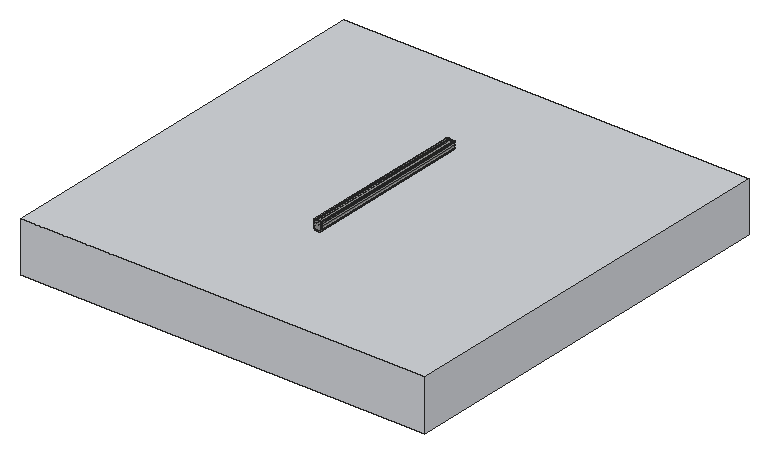
Revit family "L-trade 55 Standart", category Осветительные приборы, Revit 2017 (continued)
Types (8, lengths in mm): name | Цветовая температура | Кривая сил света | built-in parameter 1150134 | Файл фотометрической сетки | built-in parameter 1150142 | built-in parameter 1150107 | Manufacturer | Артикул
  L-trade 55 Standart 4.0K Г30 | 4000 K | "Г30" | 12 | "L-trade 55-52-G30-4.0K-01-Standart.ies" | "IESNA:LM-63-1995\r\n[TEST]LEDEL\r\n[DATA]22.10.2017\r\n[MANUFAC]LEDEL\r\n[LUMCAT]L-trade 55-52-Г30-4.0K-01-Standart\r\n[LUMINAIRE]Для общего внутреннего освещения производственных помещений, торговых залов, складов\r\n[LAMPCAT]LED\r\n[LAMP]OSRAM OSLON \r\nTILT=NONE\r\n\r\n1 5894  1.05703  37 19 1 2 1.537 0.048 0.0565\r\n\r\n1 1 52\r\n\r\n 0 2.5 5 7.5 10 12.5 15 17.5 20 22.5 25 27.5 30 32.5 35 37.5 40 42.5 45 47.5 50 52.5 55 57.5 60 62.5 65 67.5 70 72.5 75 77.5 80 82.5\r\n 85 87.5 90\r\n\r\n  0 10 20 30 40 50 60 70 80 90 100 110 120 130 140 150 160 170 180\r\n\r\n13358 12845 11834 10476 8991 7534 6214 5057 4074 3291 2638 2130 1700 1382 1114 924 763 631 543 455 396 338 279 227 198 \r\n  188 132 114 103 59 44 30 15 1 8 4 1\r\n13358 12845 11834 10476 8991 7534 6214 5057 4074 3291 2638 2130 1700 1382 1114 924 763 631 543 455 396 338 279 227 198 \r\n  188 132 114 103 59 44 30 15 1 8 4 1\r\n13358 12845 11834 10476 8991 7534 6214 5057 4074 3291 2638 2130 1700 1382 1114 924 763 631 543 455 396 338 279 227 198 \r\n  188 132 114 103 59 44 30 15 1 8 4 1\r\n13358 12845 11834 10476 8991 7534 6214 5057 4074 3291 2638 2130 1700 1382 1114 924 763 631 543 455 396 338 279 227 198 \r\n  188 132 114 103 59 44 30 15 1 8 4 1\r\n13358 12845 11834 10476 8991 7534 6214 5057 4074 3291 2638 2130 1700 1382 1114 924 763 631 543 455 396 338 279 227 198 \r\n  188 132 114 103 59 44 30 15 1 8 4 1\r\n13358 12845 11834 10476 8991 7534 6214 5057 4074 3291 2638 2130 1700 1382 1114 924 763 631 543 455 396 338 279 227 198 \r\n  188 132 114 103 59 44 30 15 1 8 4 1\r\n13358 12845 11834 10476 8991 7534 6214 5057 4074 3291 2638 2130 1700 1382 1114 924 763 631 543 455 396 338 279 227 198 \r\n  188 132 114 103 59 44 30 15 1 8 4 1\r\n13358 12845 11834 10476 8991 7534 6214 5057 4074 3291 2638 2130 1700 1382 1114 924 763 631 543 455 396 338 279 227 198 \r\n  188 132 114 103 59 44 30 15 1 8 4 1\r\n13358 12845 11834 10476 8991 7534 6214 5057 4074 3291 2638 2130 1700 1382 1114 924 763 631 543 455 396 338 279 227 198 \r\n  188 132 114 103 59 44 30 15 1 8 4 1\r\n13358 12845 11834 10476 8991 7534 6214 5057 4074 3291 2638 2130 1700 1382 1114 924 763 631 543 455 396 338 279 227 198 \r\n  188 132 114 103 59 44 30 15 1 8 4 1\r\n13358 12845 11834 10476 8991 7534 6214 5057 4074 3291 2638 2130 1700 1382 1114 924 763 631 543 455 396 338 279 227 198 \r\n  188 132 114 103 59 44 30 15 1 8 4 1\r\n13358 12845 11834 10476 8991 7534 6214 5057 4074 3291 2638 2130 1700 1382 1114 924 763 631 543 455 396 338 279 227 198 \r\n  188 132 114 103 59 44 30 15 1 8 4 1\r\n13358 12845 11834 10476 8991 7534 6214 5057 4074 3291 2638 2130 1700 1382 1114 924 763 631 543 455 396 338 279 227 198 \r\n  188 132 114 103 59 44 30 15 1 8 4 1\r\n13358 12845 11834 10476 8991 7534 6214 5057 4074 3291 2638 2130 1700 1382 1114 924 763 631 543 455 396 338 279 227 198 \r\n  188 132 114 103 59 44 30 15 1 8 4 1\r\n13358 12845 11834 10476 8991 7534 6214 5057 4074 3291 2638 2130 1700 1382 1114 924 763 631 543 455 396 338 279 227 198 \r\n  188 132 114 103 59 44 30 15 1 8 4 1\r\n13358 12845 11834 10476 8991 7534 6214 5057 4074 3291 2638 2130 1700 1382 1114 924 763 631 543 455 396 338 279 227 198 \r\n  188 132 114 103 59 44 30 15 1 8 4 1\r\n13358 12845 11834 10476 8991 7534 6214 5057 4074 3291 2638 2130 1700 1382 1114 924 763 631 543 455 396 338 279 227 198 \r\n  188 132 114 103 59 44 30 15 1 8 4 1\r\n13358 12845 11834 10476 8991 7534 6214 5057 4074 3291 2638 2130 1700 1382 1114 924 763 631 543 455 396 338 279 227 198 \r\n  188 132 114 103 59 44 30 15 1 8 4 1\r\n13358 12845 11834 10476 8991 7534 6214 5057 4074 3291 2638 2130 1700 1382 1114 924 763 631 543 455 396 338 279 227 198 \r\n  188 132 114 103 59 44 30 15 1 8 4 1" | 4000 (stored number, unit not read) | "" | ""
  L-trade 55 Standart 4.0K Г60 | 4000 K | "Г60" | 12 | "L-trade 55-52-G60-4.0K-01-Standart.ies" | "IESNA:LM-63-1995\r\n[TEST]LEDEL\r\n[DATA]22.10.2017\r\n[MANUFAC]LEDEL\r\n[LUMCAT]L-trade 55-52-Г60-4.0K-01-Standart\r\n[LUMINAIRE]Для общего внутреннего освещения производственных помещений, торговых залов, складов\r\n[LAMPCAT]LED\r\n[LAMP]OSRAM OSLON \r\nTILT=NONE\r\n\r\n1 4851 1.0225548 37 10 1 2 1.537 0.048 0.0565\r\n\r\n1 1 52\r\n\r\n 0 2.5 5 7.5 10 12.5 15 17.5 20 22.5 25 27.5 30 32.5 35 37.5 40 42.5 45 47.5 50 52.5 55 57.5 60 62.5 65 67.5 70 72.5 75 77.5 80 82.5\r\n 85 87.5 90\r\n\r\n  0 10 20 30 40 50 60 70 80 90\r\n\r\n  2421 2423 2420 2406 2381 2343 2303 2256 2208 2154 2097 2035 1933 1728 1563 1436 1316 1174 1044 928 786 614 465 384 356 \r\n333 286 247 240 219 185 184 159 139 107 51 17\r\n  2421 2423 2420 2406 2381 2343 2303 2256 2208 2154 2097 2035 1933 1728 1563 1436 1316 1174 1044 928 786 614 465 384 356 \r\n333 286 247 240 219 185 184 159 139 107 51 17\r\n  2414 2417 2414 2404 2383 2348 2303 2238 2157 2067 1986 1915 1809 1623 1433 1301 1183 1055 917 772 668 577 463 375 321\r\n296 258 198 165 167 148 141 126 106 76 35 13\r\n  2413 2417 2414 2405 2385 2348 2303 2260 2213 2160 2098 2035 1958 1825 1602 1424 1266 1103 911 743 633 573 513 406 320\r\n283 280 251 204 183 165 129 119 106 78 42 19\r\n  2414 2417 2412 2400 2379 2347 2307 2262 2213 2162 2104 2029 1958 1870 1708 1487 1325 1176 982 811 692 591 496 428 363\r\n308 279 256 235 190 155 144 117 91 65 39 19\r\n  2414 2416 2412 2397 2370 2347 2313 2267 2216 2164 2107 2045 1967 1889 1785 1595 1377 1201 1002 817 687 600 515 450 432\r\n384 302 232 209 203 187 148 117 98 69 42 20\r\n  2417 2417 2414 2395 2371 2348 2318 2277 2225 2171 2119 2050 1984 1898 1811 1690 1492 1224 982 815 717 632 553 478 395\r\n347 329 297 257 183 170 169 137 101 73 46 20\r\n  2417 2407 2385 2366 2337 2302 2259 2215 2165 2110 2052 1979 1900 1813 1697 1570 1398 1174 953 808 700 641 535 417 366 \r\n351 296 226 235 220 172 147 123 89 47 15 11\r\n  2420 2419 2411 2390 2374 2348 2313 2270 2227 2179 2129 2074 2008 1941 1861 1742 1598 1416 1228 1048 878 777 672 556 484\r\n460 434 366 316 285 237 189 174 144 109 65 15\r\n  2420 2420 2413 2392 2374 2348 2312 2271 2228 2183 2129 2076 2017 1950 1865 1745 1588 1393 1187 1049 952 826 622 465 426\r\n452 438 314 261 299 243 165 197 147 117 72 19\r\n  " | 4000 (stored number, unit not read) | "" | ""
  L-trade 55 Standart 5.0K К15 | 5000 K | "К15" | 2 | "L-trade 55-52-K15-5.0K-01-Standart.ies" | "IESNA:LM-63-1995\r\n[TEST]LEDEL\r\n[DATA]22.10.2017\r\n[MANUFAC]LEDEL\r\n[LUMCAT]L-trade 55-52-K15-5.0K-01-Standart\r\n[LUMINAIRE]Для общего внутреннего освещения производственных помещений, торговых залов, складов\r\n[LAMPCAT]LED\r\n[LAMP]OSRAM OSLON  \r\nTILT=NONE\r\n\r\n1 5821  1.1098  37 19 1 2 1.537 0.048 0.0565\r\n\r\n1 1 52\r\n\r\n 0 2.5 5 7.5 10 12.5 15 17.5 20 22.5 25 27.5 30 32.5 35 37.5 40 42.5 45 47.5 50 52.5 55 57.5 60 62.5 65 67.5 70 72.5 75 77.5 80 82.5\r\n 85 87.5 90\r\n\r\n  0 10 20 30 40 50 60 70 80 90 100 110 120 130 140 150 160 170 180\r\n\r\n  32385 30178 25257 19124 13289 8662 5479 3588 2487 1794 1321 1057 859 749 639 573 441 386 331 309 265 244 132 122 110 122\r\n  66 88 66 44 23 11 1 34 1 1 1\r\n  32385 30178 25257 19124 13289 8662 5479 3588 2487 1794 1321 1057 859 749 639 573 441 386 331 309 265 244 132 122 110 122\r\n  66 88 66 44 23 11 1 34 1 1 1\r\n  32385 30178 25257 19124 13289 8662 5479 3588 2487 1794 1321 1057 859 749 639 573 441 386 331 309 265 244 132 122 110 122\r\n  66 88 66 44 23 11 1 34 1 1 1\r\n  32385 30178 25257 19124 13289 8662 5479 3588 2487 1794 1321 1057 859 749 639 573 441 386 331 309 265 244 132 122 110 122\r\n  66 88 66 44 23 11 1 34 1 1 1\r\n  32385 30178 25257 19124 13289 8662 5479 3588 2487 1794 1321 1057 859 749 639 573 441 386 331 309 265 244 132 122 110 122\r\n  66 88 66 44 23 11 1 34 1 1 1\r\n  32385 30178 25257 19124 13289 8662 5479 3588 2487 1794 1321 1057 859 749 639 573 441 386 331 309 265 244 132 122 110 122\r\n  66 88 66 44 23 11 1 34 1 1 1\r\n  32385 30178 25257 19124 13289 8662 5479 3588 2487 1794 1321 1057 859 749 639 573 441 386 331 309 265 244 132 122 110 122\r\n  66 88 66 44 23 11 1 34 1 1 1\r\n  32385 30178 25257 19124 13289 8662 5479 3588 2487 1794 1321 1057 859 749 639 573 441 386 331 309 265 244 132 122 110 122\r\n  66 88 66 44 23 11 1 34 1 1 1\r\n  32385 30178 25257 19124 13289 8662 5479 3588 2487 1794 1321 1057 859 749 639 573 441 386 331 309 265 244 132 122 110 122\r\n  66 88 66 44 23 11 1 34 1 1 1\r\n  32385 30178 25257 19124 13289 8662 5479 3588 2487 1794 1321 1057 859 749 639 573 441 386 331 309 265 244 132 122 110 122\r\n  66 88 66 44 23 11 1 34 1 1 1\r\n  32385 30178 25257 19124 13289 8662 5479 3588 2487 1794 1321 1057 859 749 639 573 441 386 331 309 265 244 132 122 110 122\r\n  66 88 66 44 23 11 1 34 1 1 1\r\n  32385 30178 25257 19124 13289 8662 5479 3588 2487 1794 1321 1057 859 749 639 573 441 386 331 309 265 244 132 122 110 122\r\n  66 88 66 44 23 11 1 34 1 1 1\r\n  32385 30178 25257 19124 13289 8662 5479 3588 2487 1794 1321 1057 859 749 639 573 441 386 331 309 265 244 132 122 110 122\r\n  66 88 66 44 23 11 1 34 1 1 1\r\n  32385 30178 25257 19124 13289 8662 5479 3588 2487 1794 1321 1057 859 749 639 573 441 386 331 309 265 244 132 122 110 122\r\n  66 88 66 44 23 11 1 34 1 1 1\r\n  32385 30178 25257 19124 13289 8662 5479 3588 2487 1794 1321 1057 859 749 639 573 441 386 331 309 265 244 132 122 110 122\r\n  66 88 66 44 23 11 1 34 1 1 1\r\n  32385 30178 25257 19124 13289 8662 5479 3588 2487 1794 1321 1057 859 749 639 573 441 386 331 309 265 244 132 122 110 122\r\n  66 88 66 44 23 11 1 34 1 1 1\r\n  32385 30178 25257 19124 13289 8662 5479 3588 2487 1794 1321 1057 859 749 639 573 441 386 331 309 265 244 132 122 110 122\r\n  66 88 66 44 23 11 1 34 1 1 1\r\n  32385 30178 25257 19124 13289 8662 5479 3588 2487 1794 1321 1057 859 749 639 573 441 386 331 309 265 244 132 122 110 122\r\n  66 88 66 44 23 11 1 34 1 1 1\r\n  32385 30178 25257 19124 13289 8662 5479 3588 2487 1794 1321 1057 859 749 639 573 441 386 331 309 265 244 132 122 110 122\r\n  66 88 66 44 23 11 1 34 1 1 1\r" | 5000 (stored number, unit not read) | "LEDEL" | ""
  L-trade 55 Standart 5.0K Г30 | 5000 K | "Г30" | 2 | "L-trade 55-52-G30-5.0K-01-Standart.ies" | "IESNA:LM-63-1995\r\n[TEST]LEDEL\r\n[DATA]22.10.2017\r\n[MANUFAC]LEDEL\r\n[LUMCAT]L-trade 55-52-Г30-5.0K-01-Standart\r\n[LUMINAIRE]Для общего внутреннего освещения производственных помещений, торговых залов, складов\r\n[LAMPCAT]LED\r\n[LAMP]OSRAM OSLON \r\nTILT=NONE\r\n\r\n1 5894  1.05703  37 19 1 2 1.537 0.048 0.0565\r\n\r\n1 1 52\r\n\r\n 0 2.5 5 7.5 10 12.5 15 17.5 20 22.5 25 27.5 30 32.5 35 37.5 40 42.5 45 47.5 50 52.5 55 57.5 60 62.5 65 67.5 70 72.5 75 77.5 80 82.5\r\n 85 87.5 90\r\n\r\n  0 10 20 30 40 50 60 70 80 90 100 110 120 130 140 150 160 170 180\r\n\r\n13358 12845 11834 10476 8991 7534 6214 5057 4074 3291 2638 2130 1700 1382 1114 924 763 631 543 455 396 338 279 227 198 \r\n  188 132 114 103 59 44 30 15 1 8 4 1\r\n13358 12845 11834 10476 8991 7534 6214 5057 4074 3291 2638 2130 1700 1382 1114 924 763 631 543 455 396 338 279 227 198 \r\n  188 132 114 103 59 44 30 15 1 8 4 1\r\n13358 12845 11834 10476 8991 7534 6214 5057 4074 3291 2638 2130 1700 1382 1114 924 763 631 543 455 396 338 279 227 198 \r\n  188 132 114 103 59 44 30 15 1 8 4 1\r\n13358 12845 11834 10476 8991 7534 6214 5057 4074 3291 2638 2130 1700 1382 1114 924 763 631 543 455 396 338 279 227 198 \r\n  188 132 114 103 59 44 30 15 1 8 4 1\r\n13358 12845 11834 10476 8991 7534 6214 5057 4074 3291 2638 2130 1700 1382 1114 924 763 631 543 455 396 338 279 227 198 \r\n  188 132 114 103 59 44 30 15 1 8 4 1\r\n13358 12845 11834 10476 8991 7534 6214 5057 4074 3291 2638 2130 1700 1382 1114 924 763 631 543 455 396 338 279 227 198 \r\n  188 132 114 103 59 44 30 15 1 8 4 1\r\n13358 12845 11834 10476 8991 7534 6214 5057 4074 3291 2638 2130 1700 1382 1114 924 763 631 543 455 396 338 279 227 198 \r\n  188 132 114 103 59 44 30 15 1 8 4 1\r\n13358 12845 11834 10476 8991 7534 6214 5057 4074 3291 2638 2130 1700 1382 1114 924 763 631 543 455 396 338 279 227 198 \r\n  188 132 114 103 59 44 30 15 1 8 4 1\r\n13358 12845 11834 10476 8991 7534 6214 5057 4074 3291 2638 2130 1700 1382 1114 924 763 631 543 455 396 338 279 227 198 \r\n  188 132 114 103 59 44 30 15 1 8 4 1\r\n13358 12845 11834 10476 8991 7534 6214 5057 4074 3291 2638 2130 1700 1382 1114 924 763 631 543 455 396 338 279 227 198 \r\n  188 132 114 103 59 44 30 15 1 8 4 1\r\n13358 12845 11834 10476 8991 7534 6214 5057 4074 3291 2638 2130 1700 1382 1114 924 763 631 543 455 396 338 279 227 198 \r\n  188 132 114 103 59 44 30 15 1 8 4 1\r\n13358 12845 11834 10476 8991 7534 6214 5057 4074 3291 2638 2130 1700 1382 1114 924 763 631 543 455 396 338 279 227 198 \r\n  188 132 114 103 59 44 30 15 1 8 4 1\r\n13358 12845 11834 10476 8991 7534 6214 5057 4074 3291 2638 2130 1700 1382 1114 924 763 631 543 455 396 338 279 227 198 \r\n  188 132 114 103 59 44 30 15 1 8 4 1\r\n13358 12845 11834 10476 8991 7534 6214 5057 4074 3291 2638 2130 1700 1382 1114 924 763 631 543 455 396 338 279 227 198 \r\n  188 132 114 103 59 44 30 15 1 8 4 1\r\n13358 12845 11834 10476 8991 7534 6214 5057 4074 3291 2638 2130 1700 1382 1114 924 763 631 543 455 396 338 279 227 198 \r\n  188 132 114 103 59 44 30 15 1 8 4 1\r\n13358 12845 11834 10476 8991 7534 6214 5057 4074 3291 2638 2130 1700 1382 1114 924 763 631 543 455 396 338 279 227 198 \r\n  188 132 114 103 59 44 30 15 1 8 4 1\r\n13358 12845 11834 10476 8991 7534 6214 5057 4074 3291 2638 2130 1700 1382 1114 924 763 631 543 455 396 338 279 227 198 \r\n  188 132 114 103 59 44 30 15 1 8 4 1\r\n13358 12845 11834 10476 8991 7534 6214 5057 4074 3291 2638 2130 1700 1382 1114 924 763 631 543 455 396 338 279 227 198 \r\n  188 132 114 103 59 44 30 15 1 8 4 1\r\n13358 12845 11834 10476 8991 7534 6214 5057 4074 3291 2638 2130 1700 1382 1114 924 763 631 543 455 396 338 279 227 198 \r\n  188 132 114 103 59 44 30 15 1 8 4 1" | 5000 (stored number, unit not read) | "" | ""
  L-trade 55 Standart 5.0K Г60 | 5000 K | "Г60" | 2 | "L-trade 55-45-D-5.0K-02-Standart.ies" | "IESNA:LM-63-1995\r\n[TEST]LEDEL\r\n[DATA]28.10.2017\r\n[MANUFAC]LEDEL\r\n[LUMCAT]L-trade 55-45-Д-5.0K-02-Standart\r\n[LUMINAIRE]Для общего внутреннего освещения производственных помещений, торговых залов, складов\r\n[LAMPCAT]LED\r\n[LAMP]OSRAM DURIS \r\nTILT=NONE\r\n\r\n1 4517 1.4132 37 10 1 2 1.537 0.048 0.0565\r\n1 1 45\r\n\r\n  0 2.5 5 7.5 10 12.5 15 17.5 20 22.5 25 27.5 30 32.5 35 37.5 40 42.5 45 47.5 50 52.5 55 57.5 60 62.5 65 67.5 70 72.5 75 77.5 80 82.5\r\n 85 87.5 90\r\n\r\n 0 10 20 30 40 50 60 70 80 90\r\n  1164 1166 1161 1156 1146 1132 1116 1094 1070 1043 1013 982 947 911 873 835 794 754 712 670 628 584 541 499 457 415 371 330\r\n  286 247 204 164 124 89 60 37 21\r\n  1161 1164 1164 1158 1149 1135 1119 1099 1075 1049 1020 988 954 917 880 840 799 759 717 675 632 590 546 504 460 417 373 331\r\n  290 250 210 171 133 98 67 42 22\r\n  1162 1164 1162 1158 1149 1134 1118 1099 1074 1049 1018 987 954 917 880 840 800 759 717 675 634 590 547 504 461 419 376 333\r\n  290 248 207 164 122 88 56 35 20\r\n  1164 1166 1164 1158 1148 1134 1117 1099 1074 1049 1018 988 954 920 882 844 804 764 722 681 638 599 556 514 470 425 381 335\r\n  292 250 209 171 133 97 66 40 22\r\n  1162 1166 1164 1158 1149 1136 1122 1100 1079 1052 1024 993 959 925 888 849 811 770 729 687 645 602 560 518 473 431 386 342\r\n  301 257 218 177 139 102 67 40 22\r\n  1164 1166 1164 1158 1149 1135 1120 1100 1079 1054 1026 997 964 929 893 855 818 778 737 695 653 611 568 525 482 440 395 351\r\n  308 265 222 180 140 103 69 42 22\r\n  1166 1166 1164 1158 1148 1135 1119 1100 1076 1052 1024 993 961 927 891 853 814 776 735 693 651 608 565 521 477 433 388 342 \r\n  296 248 202 162 122 86 55 31 15\r\n  1166 1166 1164 1158 1148 1135 1119 1100 1077 1052 1024 993 961 927 891 855 815 776 735 693 651 608 564 521 476 433 388 344\r\n  299 256 212 169 126 89 56 31 15\r\n  1166 1166 1164 1158 1150 1137 1123 1105 1083 1058 1032 1003 971 936 900 863 823 782 743 700 660 619 577 534 491 448 402 359\r\n  314 271 227 183 143 103 69 39 20\r\n  1166 1166 1164 1158 1149 1135 1122 1102 1081 1056 1028 999 967 932 897 858 821 781 741 700 657 613 570 527 484 440 395 351\r\n  307 263 221 179 137 98 64 36 19\r" | 5000 (stored number, unit not read) | "" | ""
